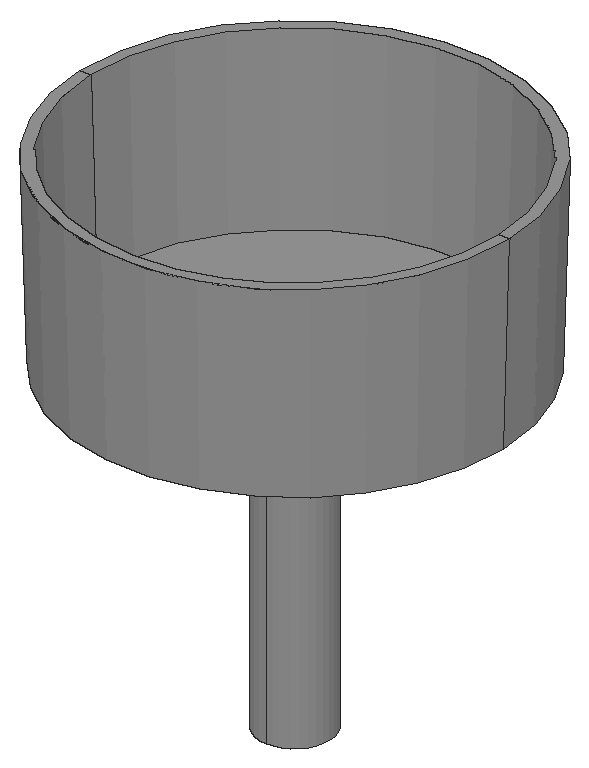
Revit family "LAMP_SUSPENSION RIGIDA 9621XXX", category Modelos genéricos, Revit 2015
Parameters (values of type "GREY")
  Product datasheet (500mm) = "http://admin.lamp.es/es/fichas/ver/9621053-ES.pdf"
  Product datasheet (250mm) = "http://admin.lamp.es/es/fichas/ver/9621023-ES.pdf"
  Product datasheet (100mm) = "http://admin.lamp.es/es/fichas/ver/9621013-ES.pdf"
  Product datasheet (1000mm) = "http://admin.lamp.es/es/fichas/ver/9621103-ES.pdf"
  Product code (500mm) = "9621053"
  Product code (250mm) = "9621023"
  Product code (100mm) = "9621013"
  Product code (1000mm) = "9621103"
  Product URL = "http://www.lamp.es/es/catalog/grupos/ver/1196"
  Modelo (500mm) = "9621053"
  Modelo (250mm) = "9621023"
  Modelo (100mm) = "9621013"
  Modelo (1000mm) = "9621103"
  Model explanation = "Availability of switching between accessories through visibility parameters when placed in a project."
  Material Florón = LAMP_Plástico genérico GR
  Manufacturer name = "LAMP LIGHTING"
  Manufacturer country = "Spain\r\nSpain"
  Manufacturer URL = "http://www.lamp.es"
  Last update = "23/02/2018"
  Finish = "Bright silver grey"
  Fabricante = Manufacturer name  # "LAMP LIGHTING"
  Dimensions = "Ø84mm x 37mm"
  Descripción (500mm) = "ACC. ELECMEC RIGID SUSP 500MM GR."
  Descripción (250mm) = "ACC. ELECMEC RIGID SUSP 250MM GR."
  Descripción (100mm) = "ACC. ELECMEC RIGID SUSP 100MM GR."
  Descripción (1000mm) = "ACC. ELECMEC RIGID SUSP 1000MM GR."
  Comentarios de tipo = Model explanation  # "Availability of switching between accessories through visibility parameters when placed in a project."
  Available lengths = "100mm, 250mm, 500mm, 1000mm"
  Accessory type = "Suspension"
  9621XXX [instance] = yes
Types (3, lengths in mm): name | Product datasheet (500mm) | Product datasheet (250mm) | Product datasheet (100mm) | Product datasheet (1000mm) | Product code (500mm) | Product code (250mm) | Product code (100mm) | Product code (1000mm) | Product URL | Modelo (500mm) | Modelo (250mm) | Modelo (100mm) | Modelo (1000mm) | Material Florón | Finish | Descripción (500mm) | Descripción (250mm) | Descripción (100mm) | Descripción (1000mm)
  (no name) | "http://admin.lamp.es/es/fichas/ver/9621053-ES.pdf" | "http://admin.lamp.es/es/fichas/ver/9621023-ES.pdf" | "http://admin.lamp.es/es/fichas/ver/9621013-ES.pdf" | "http://admin.lamp.es/es/fichas/ver/9621103-ES.pdf" | "9621053" | "9621023" | "9621013" | "9621103" | "http://www.lamp.es/es/catalog/grupos/ver/1196" | "9621053" | "9621023" | "9621013" | "9621103" | LAMP_Plástico genérico GR | "Bright silver grey" | "ACC. ELECMEC RIGID SUSP 500MM GR." | "ACC. ELECMEC RIGID SUSP 250MM GR." | "ACC. ELECMEC RIGID SUSP 100MM GR." | "ACC. ELECMEC RIGID SUSP 1000MM GR."
  WHITE | "http://admin.lamp.es/en/fichas/ver/9621050-ES.pdf" | "http://admin.lamp.es/en/fichas/ver/9621020-ES.pdf" | "http://admin.lamp.es/en/fichas/ver/9621010-ES.pdf" | "http://admin.lamp.es/en/fichas/ver/9621100-ES.pdf" | "9621050" | "9621020" | "9621010" | "9621100" | "http://www.lamp.es/en/catalog/grupos/ver/1196" | "9621050" | "9621020" | "9621010" | "9621100" | LAMP_Plástico genérico BL | "Shiny white" | "ACC. ELECMEC RIGID SUSP 500MM WH." | "ACC. ELECMEC RIGID SUSP 250MM WH." | "ACC. ELECMEC RIGID SUSP 100MM WH." | "ACC. ELECMEC RIGID SUSP 1000MM WH."
  GREY | "http://admin.lamp.es/es/fichas/ver/9621053-ES.pdf" | "http://admin.lamp.es/es/fichas/ver/9621023-ES.pdf" | "http://admin.lamp.es/es/fichas/ver/9621013-ES.pdf" | "http://admin.lamp.es/es/fichas/ver/9621103-ES.pdf" | "9621053" | "9621023" | "9621013" | "9621103" | "http://www.lamp.es/es/catalog/grupos/ver/1196" | "9621053" | "9621023" | "9621013" | "9621103" | LAMP_Plástico genérico GR | "Bright silver grey" | "ACC. ELECMEC RIGID SUSP 500MM GR." | "ACC. ELECMEC RIGID SUSP 250MM GR." | "ACC. ELECMEC RIGID SUSP 100MM GR." | "ACC. ELECMEC RIGID SUSP 1000MM GR."
Reference planes
  plane 1 "Centro (Frontal/Posterior)": y = 0
  plane 2: z = 0
  plane 3 "Centro (Izquierda/Derecha)": x = 0
Forms (mm)
  Revolve 1, solid, material "LAMP_Plástico genérico GR" <- "Material Florón"
    sketch origin (0, 0, 0) x (1, 0, 0) y (0, 0, 1)
      loop
        line (0, 0) -> (40.9, 0) -> (42, 37) -> (39.8, 37) -> (38.765, 2.2) -> (0, 2.2) -> (0, 0)
      axis (0, 37) -> (0, 0)
    angle from 0 to 360
  Extrusion 2, void
    sketch origin (0, 0, 0) x (1, 0, 0) y (0, 1, 0)
      loop
        circle (0, 0) r 6.9
    from 0 to 250
  Extrusion 3, solid, material "LAMP_Plástico genérico GR" <- "Material Florón", visible <- "9621XXX"
    sketch origin (0, 0, 37) x (0, 1, 0) y (-1, 0, 0)
      loop
        circle (0, 0) r 6.9
    from -37 to -100
Cuts and joins
  Extrusion 2 cuts Revolve 1
Text (mm)
  text "Any modification of the parameters and properties of the LAMP BIM models must be executed and validated by the LAMP technical department.\n\nPhone: +34 93 736 68 00\n\nE-mail: lamp@lamp.es\n\n\n\nLAMP reserves the right to modify the technical specifications of its products." at (37.148, 142.235, 129.297), in view "Preview"
Dimensions and locks
  aligned and locked: level to plane 2
